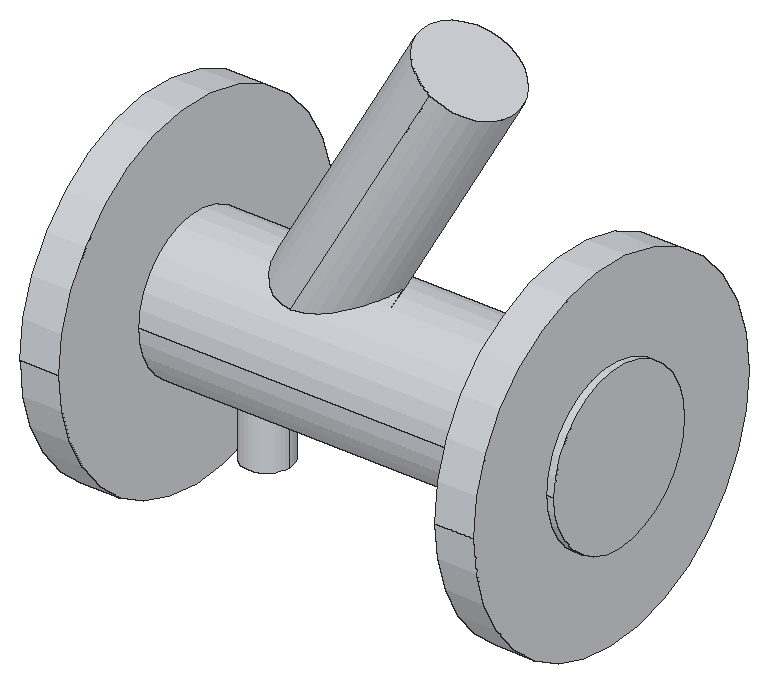
Revit family "HS 821-síto_jemné-PN40-DN015-RFA_2018", category Pipe Accessories, Revit 2018
Family settings
  Round Connector Dimension = Use Diameter
  Part Type = Breaks Into
  Work Plane-Based = No
  Always vertical = Yes
  Cut with Voids When Loaded = No
  Shared = No
Parameters (values of type "821F-DN015-PN40-síto_jemné")
  magiProductId = "4c7eaf3c4c0340888b3e684d8a8616"
  magiProductFamilyId = "79214ac3aaa945e397802f559f5c1e"
  magiPartTypeId = 307
  isMeasuringValve [instance] = no
  ang2D [instance] = 0.00°
  ZB__ve = -ZB  # -16.25 mm
  ZB1 = 18.225 mm
  ZB = 16.25 mm
  X2 = 46.982 mm
  X1 = 18.2 mm
  W2D = 15 mm
  VersionID = "2.0/2017.9.26.1/ZETKAMA_821_001"
  Use Minimum Symbol Size [instance] = yes
  URL = "www.hydronic.cz"
  Type Comments = "Filtr přírubový; síto jemné; A-PN16 (-10~300°C); D-PN25 (-10~350°C); F-PN40 (-10~400°C)"
  S = 45 mm
  QmdConnectorList = "301;D;302;D"
  Productdata [instance] = ""
  Manufacturer = "Hydronic Systems Prague s.r.o."
  MC Product Code = "250 615 (821F; DN015; PN40; kvs6,2; oko síta 0,63mm)"
  LM1 = 10.4 mm
  LM = 104 mm
  L4 = 32.5 mm
  L2D_Min = 3048 mm
  L2D = 130 mm
  L2 = 65 mm
  HH2 = 81.375 mm
  FD = 95 mm
  Description = "Filtr přírubový; síto jemné; 821A-PN16; 821D-PN25; 821F-PN40"
  DM1 = 27.6 mm
  DM = 40.5 mm
  D = 15 mm
  CC = 2.21 mm
  CAT0 = yes
  C1 = 10.79 mm
  C = 13 mm
  BD = 12.757 mm
Types (40, lengths in mm): name | magiProductId | ZB__ve | ZB1 | ZB | X2 | X1 | S | MC Product Code | LM1 | LM | L4 | L2 | HH2 | FD | DM1 | DM | D | CC | C1 | C | BD
  821A-DN015-PN16-síto_jemné | "a71bcfe8b393460598b23e8ddf7dc5" | -16.25 | 18.63 | 16.25 | 46.982 | 18.2 | 46 | "210 115 (821A; DN015; PN16; kvs6,2; oko síta 0,63mm)" | 10.4 | 104 | 32.5 | 65 | 81.375 | 95 | 27.6 | 41.4 | 15 | 2.21 | 10.79 | 13 | 13.041
  821A-DN020-PN16-síto_jemné | "41cd6c7a12924f4991217528336076" | -17.75 | 22.68 | 17.75 | 51.673 | 21 | 56 | "210 120 (821A; DN020; PN16; kvs9,6; oko síta 0,63mm)" | 12 | 120 | 37.5 | 75 | 89.5 | 105 | 33.6 | 50.4 | 20 | 2.55 | 12.45 | 15 | 15.876
  821A-DN025-PN16-síto_jemné | "be378b463ed14c3abf4c9b3ae8cf3a" | -19.25 | 26.325 | 19.25 | 58.601 | 22.4 | 65 | "210 125 (821A; DN025; PN16; kvs14,2; oko síta 0,63mm)" | 12.8 | 128 | 40 | 80 | 101.5 | 115 | 43.2 | 58.5 | 25 | 2.72 | 13.28 | 16 | 18.427
  821A-DN032-PN16-síto_jemné | "227a0d18b21540afabe8b6067d35fa" | -23 | 30.78 | 23 | 68.849 | 25.2 | 76 | "210 132 (821A; DN032; PN16; kvs23,1; oko síta 0,63mm)" | 14.4 | 144 | 45 | 90 | 119.25 | 140 | 50.4 | 68.4 | 32 | 3.06 | 14.94 | 18 | 21.546
  821A-DN040-PN16-síto_jemné | "d106917c74724141a10440112d0102" | -24.5 | 34.02 | 24.5 | 75.777 | 28 | 84 | "210 140 (821A; DN040; PN16; kvs36,6; oko síta 0,63mm)" | 16 | 160 | 50 | 100 | 131.25 | 150 | 60 | 75.6 | 40 | 3.4 | 16.6 | 20 | 23.814
  821A-DN050-PN16-síto_jemné | "8255d456a09e4f6486734f5dd9171b" | -26.75 | 40.095 | 26.75 | 79.061 | 32.2 | 99 | "210 150 (821A; DN050 PN16; kvs53,7; oko síta 0,63mm)" | 18.4 | 184 | 57.5 | 115 | 136.938 | 165 | 73.8 | 89.1 | 50 | 3.91 | 19.09 | 23 | 28.066
  821A-DN065-PN16-síto_jemné | "235b1b3e4c0843779a4d5e3716d40a" | -29.75 | 47.79 | 29.75 | 86.927 | 40.6 | 118 | "210 165 (821A; DN065; PN16; kvs95,1; oko síta 0,63mm)" | 23.2 | 232 | 72.5 | 145 | 150.562 | 185 | 94.2 | 106.2 | 65 | 4.93 | 24.07 | 29 | 33.453
  821A-DN080-PN16-síto_jemné | "a067f7c5236348ed8c820d16df7214" | -32 | 53.46 | 32 | 104.753 | 43.4 | 132 | "210 180 (821A; DN080; PN16; kvs137,1; oko síta 0,63mm)" | 24.8 | 248 | 77.5 | 155 | 181.438 | 200 | 107.4 | 118.8 | 80 | 5.27 | 25.73 | 31 | 37.422
  821A-DN100-PN16-síto_jemné | "c49a648c2747461285837d643703cd" | -35 | 63.18 | 35 | 114.857 | 49 | 156 | "210 190 (821A; DN100; PN16; kvs206,4; oko síta 0,63mm)" | 28 | 280 | 87.5 | 175 | 198.937 | 220 | 131.4 | 140.4 | 100 | 5.95 | 29.05 | 35 | 44.226
  821A-DN125-PN16-síto_jemné | "bf68e728a163493cbd2a663b26ebdc" | -39.5 | 74.52 | 39.5 | 131.888 | 56 | 184 | "210 191 (821A; DN125; PN16; kvs268,8; oko síta 0,63mm)" | 32 | 320 | 100 | 200 | 228.438 | 250 | 165 | 165.6 | 125 | 6.8 | 33.2 | 40 | 52.164
  821A-DN150-PN16-síto_jemné | "2de770284b654863ae6bc865769dc5" | -44.75 | 85.455 | 44.75 | 155.885 | 67.2 | 211 | "210 192 (821A; DN150; PN16; kvs401,4; oko síta 0,63mm)" | 38.4 | 384 | 120 | 240 | 270 | 285 | 192 | 189.9 | 150 | 8.16 | 39.84 | 48 | 59.818
  821A-DN200-PN16-síto_jemné | "8e5693371ab64aabb29a7f08c76e15" | -53 | 107.73 | 53 | 188.361 | 84 | 266 | "210 193 (821A; DN200; PN16; kvs706,7; oko síta 0,63mm)" | 48 | 480 | 150 | 300 | 326.25 | 340 | 252 | 239.4 | 200 | 10.2 | 49.8 | 60 | 75.411
  821A-DN250-PN16-síto_jemné | "05e37ed948c34047acdd4c42556504" | -62.75 | 129.195 | 62.75 | 255.911 | 102.2 | 319 | "210 194 (821A; DN250; PN16; kvs1229,4; oko síta 0,63mm)" | 58.4 | 584 | 182.5 | 365 | 443.25 | 405 | 309.6 | 287.1 | 250 | 12.41 | 60.59 | 73 | 90.436
  821A-DN300-PN16-síto_jemné | "9ad0af747269428da925480d83ce80" | -71 | 149.85 | 71 | 325.914 | 119 | 370 | "210 195 (821A; DN300; PN16; kvs1902,4; oko síta 0,63mm)" | 68 | 680 | 212.5 | 425 | 564.5 | 460 | 369.6 | 333 | 300 | 14.45 | 70.55 | 85 | 104.895
  821A-DN350-PN16-síto_jemné | "eebc71459bb3451bb4355e7951370a" | -80 | 173.745 | 80 | 356.875 | 137.2 | 429 | "200 196 (821A; DN350; PN16; kvs2611,0; oko síta 0,63mm)" | 78.4 | 784 | 245 | 490 | 618.125 | 520 | 438 | 386.1 | 350 | 16.66 | 81.34 | 98 | 121.621
  821A-DN400-PN16-síto_jemné | "d2f677cb196647e385b2590e7d8abe" | -89 | 194.4 | 89 | 392.237 | 154 | 480 | "210 197 (821A; DN400; PN16; kvs3438,4; oko síta 0,63mm)" | 88 | 880 | 275 | 550 | 679.375 | 580 | 498 | 432 | 400 | 18.7 | 91.3 | 110 | 136.08
  821D-DN015-PN25-síto_jemné | "27ddcbf555414f8ca1fde329bf9087" | -16.25 | 18.63 | 16.25 | 46.982 | 18.2 | 46 | "210 215 (821D; DN015; PN25; kvs6,2; oko síta 0,63mm)" | 10.4 | 104 | 32.5 | 65 | 81.375 | 95 | 27.6 | 41.4 | 15 | 2.21 | 10.79 | 13 | 13.041
  821D-DN020-PN25-síto_jemné | "270e0f14012f47189cd0235c18faee" | -17.75 | 22.68 | 17.75 | 51.673 | 21 | 56 | "210 220 (821D; DN020; PN25; kvs9,6; oko síta 0,63mm)" | 12 | 120 | 37.5 | 75 | 89.5 | 105 | 33.6 | 50.4 | 20 | 2.55 | 12.45 | 15 | 15.876
  821D-DN025-PN25-síto_jemné | "b9a7fb4aa36643878c637d8e1ab992" | -19.25 | 26.325 | 19.25 | 58.601 | 22.4 | 65 | "210 225 (821D; DN025; PN25; kvs14,2; oko síta 0,63mm)" | 12.8 | 128 | 40 | 80 | 101.5 | 115 | 43.2 | 58.5 | 25 | 2.72 | 13.28 | 16 | 18.427
  821D-DN032-PN25-síto_jemné | "6be9a55c4e68400f94eec7e804204c" | -23 | 30.78 | 23 | 68.849 | 25.2 | 76 | "210 232 (821D; DN032; PN25; kvs23,1; oko síta 0,63mm)" | 14.4 | 144 | 45 | 90 | 119.25 | 140 | 50.4 | 68.4 | 32 | 3.06 | 14.94 | 18 | 21.546
  821D-DN040-PN25-síto_jemné | "c54511bd7f584ec2984291479612cb" | -24.5 | 34.02 | 24.5 | 75.777 | 28 | 84 | "210 240 (821D; DN040; PN25; kvs36,6; oko síta 0,63mm)" | 16 | 160 | 50 | 100 | 131.25 | 150 | 60 | 75.6 | 40 | 3.4 | 16.6 | 20 | 23.814
  821D-DN050-PN25-síto_jemné | "5483b1f596b04cd39b23a14a22c90e" | -26.75 | 40.095 | 26.75 | 79.061 | 32.2 | 99 | "210 250 (821D; DN050; PN25; kvs53,7; oko síta 0,63mm)" | 18.4 | 184 | 57.5 | 115 | 136.938 | 165 | 73.8 | 89.1 | 50 | 3.91 | 19.09 | 23 | 28.066
  821D-DN065-PN25-síto_jemné | "767b0f8318e94750bc7a9930ed5b30" | -29.75 | 47.79 | 29.75 | 86.927 | 40.6 | 118 | "210 265 (821D; DN065; PN25; kvs95,1; oko síta 0,63mm)" | 23.2 | 232 | 72.5 | 145 | 150.562 | 185 | 94.2 | 106.2 | 65 | 4.93 | 24.07 | 29 | 33.453
  821D-DN080-PN25-síto_jemné | "e21040fa3cc2404b858198f6b73709" | -32 | 53.46 | 32 | 104.753 | 43.4 | 132 | "210 280 (821D; DN080; PN25; kvs137,1; oko síta 0,63mm)" | 24.8 | 248 | 77.5 | 155 | 181.438 | 200 | 107.4 | 118.8 | 80 | 5.27 | 25.73 | 31 | 37.422
  821D-DN100-PN25-síto_jemné | "175ca87a506b40b3bc6b82f12f33cf" | -37.25 | 63.18 | 37.25 | 114.857 | 49 | 156 | "210 290 (821D; DN100; PN25; kvs206,4; oko síta 0,63mm)" | 28 | 280 | 87.5 | 175 | 198.937 | 235 | 131.4 | 140.4 | 100 | 5.95 | 29.05 | 35 | 44.226
  821D-DN125-PN25-síto_jemné | "77cc98d60da24855999a22dff726b2" | -42.5 | 74.52 | 42.5 | 131.888 | 56 | 184 | "210 291 (821D; DN125; PN25; kvs268,8; oko síta 0,63mm)" | 32 | 320 | 100 | 200 | 228.438 | 270 | 165 | 165.6 | 125 | 6.8 | 33.2 | 40 | 52.164
  821D-DN150-PN25-síto_jemné | "9cf8acfcd15547d68e83172d3abcbe" | -47 | 85.455 | 47 | 155.885 | 67.2 | 211 | "210 292 (821D; DN150; PN25; kvs401,4; oko síta 0,63mm)" | 38.4 | 384 | 120 | 240 | 270 | 300 | 192 | 189.9 | 150 | 8.16 | 39.84 | 48 | 59.818
  821D-DN200-PN25-síto_jemné | "16973f3c9ea14389ba8602495a6b64" | -56 | 110.97 | 56 | 188.361 | 84 | 274 | "210 293 (821D; DN200; PN25; kvs706,7; oko síta 0,63mm)" | 48 | 480 | 150 | 300 | 326.25 | 360 | 252 | 246.6 | 200 | 10.2 | 49.8 | 60 | 77.679
  821F-DN015-PN40-síto_jemné | "4c7eaf3c4c0340888b3e684d8a8616" | -16.25 | 18.225 | 16.25 | 46.982 | 18.2 | 45 | "250 615 (821F; DN015; PN40; kvs6,2; oko síta 0,63mm)" | 10.4 | 104 | 32.5 | 65 | 81.375 | 95 | 27.6 | 40.5 | 15 | 2.21 | 10.79 | 13 | 12.757
  821F-DN020-PN40-síto_jemné | "aaac5f1ec96b44d6ba96ac2293d66d" | -17.75 | 23.49 | 17.75 | 51.673 | 21 | 58 | "250 620 (821F; DN020; PN40; kvs9,6; oko síta 0,63mm)" | 12 | 120 | 37.5 | 75 | 89.5 | 105 | 33.6 | 52.2 | 20 | 2.55 | 12.45 | 15 | 16.443
  821F-DN025-PN40-síto_jemné | "504768023968471481789485b54c7e" | -19.25 | 27.54 | 19.25 | 58.601 | 22.4 | 68 | "250 625 (821F; DN025; PN40; kvs14,2; oko síta 0,63mm)" | 12.8 | 128 | 40 | 80 | 101.5 | 115 | 43.2 | 61.2 | 25 | 2.72 | 13.28 | 16 | 19.278
  821F-DN032-PN40-síto_jemné | "165e7f39cf744f329bdf1c400dad12" | -23 | 31.59 | 23 | 68.849 | 25.2 | 78 | "250 632 (821F; DN032; PN40; kvs23,1; oko síta 0,63mm)" | 14.4 | 144 | 45 | 90 | 119.25 | 140 | 50.4 | 70.2 | 32 | 3.06 | 14.94 | 18 | 22.113
  821F-DN040-PN40-síto_jemné | "b8903f952089408fbf3a5a632bab1f" | -24.5 | 35.64 | 24.5 | 75.777 | 28 | 88 | "250 640 (821F; DN040; PN40; kvs36,6; oko síta 0,63mm)" | 16 | 160 | 50 | 100 | 131.25 | 150 | 60 | 79.2 | 40 | 3.4 | 16.6 | 20 | 24.948
  821F-DN050-PN40-síto_jemné | "c451f97266fe48da8f879cb6a2bd44" | -26.75 | 41.31 | 26.75 | 79.061 | 32.2 | 102 | "250 650 (821F; DN050; PN40; kvs53,7; oko síta 0,63mm)" | 18.4 | 184 | 57.5 | 115 | 136.938 | 165 | 73.8 | 91.8 | 50 | 3.91 | 19.09 | 23 | 28.917
  821F-DN065-PN40-síto_jemné | "dc9821e3f9b34e128f6a8c6b34c198" | -29.75 | 49.41 | 29.75 | 86.927 | 40.6 | 122 | "250 665 (821F; DN065; PN40; kvs95,1; oko síta 0,63mm)" | 23.2 | 232 | 72.5 | 145 | 150.562 | 185 | 94.2 | 109.8 | 65 | 4.93 | 24.07 | 29 | 34.587
  821F-DN080-PN40-síto_jemné | "689aa1e260f84cf4994f027a1d86b5" | -32 | 55.89 | 32 | 104.753 | 43.4 | 138 | "250 680 (821F; DN080; PN40; kvs137,1; oko síta 0,63mm)" | 24.8 | 248 | 77.5 | 155 | 181.438 | 200 | 107.4 | 124.2 | 80 | 5.27 | 25.73 | 31 | 39.123
  821F-DN100-PN40-síto_jemné | "8a45d4e8e2ab425f8c432f21d684f3" | -37.25 | 65.61 | 37.25 | 114.857 | 49 | 162 | "250 690 (821F; DN100; PN40; kvs206,4; oko síta 0,63mm)" | 28 | 280 | 87.5 | 175 | 198.937 | 235 | 131.4 | 145.8 | 100 | 5.95 | 29.05 | 35 | 45.927
  821F-DN125-PN40-síto_jemné | "cf073904c006406b8645afa67ea2fc" | -42.5 | 76.14 | 42.5 | 131.888 | 56 | 188 | "250 691 (821F; DN125; PN40; kvs268,8; oko síta 0,63mm)" | 32 | 320 | 100 | 200 | 228.438 | 270 | 165 | 169.2 | 125 | 6.8 | 33.2 | 40 | 53.298
  821F-DN150-PN40-síto_jemné | "0153b9ddabe14992a630484929fdbc" | -47 | 88.29 | 47 | 155.885 | 67.2 | 218 | "250 692 (821F; DN150; PN40; kvs401,4; oko síta 0,63mm)" | 38.4 | 384 | 120 | 240 | 270 | 300 | 192 | 196.2 | 150 | 8.16 | 39.84 | 48 | 61.803
  821F-DN200-PN40-síto_jemné | "7fb3fc01dd8d42428c203e3f8dd4d5" | -56 | 115.425 | 56 | 188.361 | 84 | 285 | "250 693 (821F; DN200; PN40; kvs706,7; oko síta 0,63mm)" | 48 | 480 | 150 | 300 | 326.25 | 360 | 252 | 256.5 | 200 | 10.2 | 49.8 | 60 | 80.797
Reference planes
  plane 1 "Center (Front/Back)": y = 0
  plane 2 "XYPLANE": z = 0
  plane 3 "Center (Left/Right)": x = 0
  plane 4 "109": x = -41.6
  plane 5 "108": x = 52
  plane 6 "107": x = -52
  plane 7 "105": x = 65
  plane 8 "104": x = -65
  plane 9 "103": y = 0
  plane 10 "102": z = 0
  plane 11 "101": x = -62.79
  plane 12 "100": x = 62.79
  plane 13 "11": x = -23.4
  plane 14 "10": z = 81.375
  plane 15 "9": x = 23.582
  plane 16 "5": z = -18.225
  plane 17 "4": x = -32.5
  plane 18 "1": x = 32.5
Forms (mm)
  Extrusion 1, solid, visible <- "CAT0"
    sketch origin (-52, -750, 0) x (0, 1, 0) y (0, 0, 1)
      loop
        circle (750, 0) r 20.25
    from 0 to 104 <- "LM"
  Extrusion 2, solid
    sketch origin (-65, -750, 0) x (0, 1, 0) y (0, 0, 1)
      loop
        circle (750, 0) r 22.5
    from 0 to 2.21 <- "CC"
  Extrusion 3, solid
    sketch origin (-62.79, -750, 0) x (0, 1, 0) y (0, 0, 1)
      loop
        circle (750, 0) r 47.5
    from 0 to 10.79 <- "C1"
  Extrusion 4, solid
    sketch origin (52, -750, 0) x (0, 1, 0) y (0, 0, 1)
      loop
        circle (750, 0) r 47.5
    from 0 to 10.79 <- "C1"
  Extrusion 5, solid
    sketch origin (62.79, -750, 0) x (0, 1, 0) y (0, 0, 1)
      loop
        circle (750, 0) r 22.5
    from 0 to 2.21 <- "CC"
  Sweep 6, solid, visible <- "CAT0"
    path origin (750, 0, 0) x (-1, 0, 0) y (0, 0, 1)
      loop
        line (802, 0) -> (773.4, 0) -> (726.418, 81.375)
    profile origin (-52, 0, 0) x (0, 0, -1) y (0, 1, 0)
      loop
        circle (0, 0) r 13.8
  Extrusion 7, solid, visible <- "CAT0"
    sketch origin (-750, 0, -18.225) x (1, 0, 0) y (0, 1, 0)
      loop
        circle (717.5, 0) r 6.379
    from 0 to -16.25 <- "ZB__ve"
  Extrusion 8, solid, visible <- "CAT0"
    sketch origin (-750, 0, -18.225) x (1, 0, 0) y (0, 1, 0)
      loop
        circle (782.5, 0) r 6.379
    from 0 to -16.25 <- "ZB__ve"
  Extrusion 9, solid, not visible
    sketch origin (65, -750, 0) x (0, 1, 0) y (0, 0, 1)
      loop
        circle (750, 0) r 10
    from 0 to -10
  Extrusion 10, solid, not visible
    sketch origin (-65, -750, 0) x (0, 1, 0) y (0, 0, 1)
      loop
        circle (750, 0) r 10
    from 0 to 10
Lines and regions (mm)
  reference lines, not visible
    curve 1: circle (2, 2, 0) r 1 normal (0, 0, 1)
Dimensions and locks
  plane 1 "Center (Front/Back)" to curve 1 = 2 mm
  "LM1": plane 6 "107" to plane 4 "109"
  "LM": plane 6 "107" to plane 5 "108"
  "C": plane 8 "104" to plane 6 "107"
  "L2": plane 3 "Center (Left/Right)" to plane 7 "105"
  "L2": plane 3 "Center (Left/Right)" to plane 8 "104"
  locked: plane 1 "Center (Front/Back)" to plane 9 "103"
  locked: plane 2 "XYPLANE" to plane 10 "102"
  "CC": plane 8 "104" to plane 11 "101"
  "C1": plane 5 "108" to plane 12 "100"
  "X1": plane 4 "109" to plane 13 "11"
  "HH2": plane 2 "XYPLANE" to plane 14 "10"
  "X2": plane 13 "11" to plane 15 "9"
  "ZB1": plane 2 "XYPLANE" to plane 16 "5"
  "L4": plane 8 "104" to plane 17 "4"
  "L2": plane 17 "4" to plane 18 "1"
  Sweep 6 sketch curve to Sweep 6 sketch curve = 0 mm  (x2)
  "DM": diameter of Extrusion 1 sketch curve
  "S": diameter of Extrusion 2 sketch curve
  "FD": diameter of Extrusion 3 sketch curve
  "FD": diameter of Extrusion 4 sketch curve
  "S": diameter of Extrusion 5 sketch curve
  "DM1": diameter of Sweep 6 sketch curve
  "BD": diameter of Extrusion 7 sketch curve
  "BD": diameter of Extrusion 8 sketch curve
  aligned and locked: level to plane 2 "XYPLANE"
  aligned and locked: Extrusion 1 sketch curve to plane 9 "103"
  aligned and locked: plane 10 "102" to Extrusion 1 sketch curve
  aligned and locked: Extrusion 2 sketch curve to plane 9 "103"
  aligned and locked: plane 10 "102" to Extrusion 2 sketch curve
  aligned and locked: Extrusion 3 sketch curve to plane 9 "103"
  aligned and locked: plane 10 "102" to Extrusion 3 sketch curve
  aligned and locked: Extrusion 4 sketch curve to plane 9 "103"
  aligned and locked: plane 10 "102" to Extrusion 4 sketch curve
  aligned and locked: Extrusion 5 sketch curve to plane 9 "103"
  aligned and locked: plane 10 "102" to Extrusion 5 sketch curve
  aligned and locked: Sweep 6 sketch curve to plane 9 "103"
  aligned and locked: plane 10 "102" to Sweep 6 sketch curve  (x3)
  aligned and locked: plane 6 "107" to Sweep 6 sketch curve
  aligned and locked: plane 13 "11" to Sweep 6 sketch curve
  aligned and locked: plane 14 "10" to Sweep 6 sketch curve
  aligned and locked: plane 15 "9" to Sweep 6 sketch curve
  aligned and locked: plane 9 "103" to Extrusion 7 sketch curve
  aligned and locked: plane 17 "4" to Extrusion 7 sketch curve
  aligned and locked: plane 9 "103" to Extrusion 8 sketch curve
  aligned and locked: plane 18 "1" to Extrusion 8 sketch curve
  aligned and locked: Extrusion 9 sketch curve to plane 9 "103"
  aligned and locked: plane 10 "102" to Extrusion 9 sketch curve
  aligned and locked: Extrusion 10 sketch curve to plane 9 "103"
  aligned and locked: plane 10 "102" to Extrusion 10 sketch curve
Automatic sketch dimensions
  plane 1 "Center (Front/Back)" to Extrusion 9 sketch curve = 10 mm
  plane 1 "Center (Front/Back)" to Extrusion 10 sketch curve = 10 mm
  plane 3 "Center (Left/Right)" to curve 1 = 2 mm
  radius of curve 1 = 1 mm
Connectors
  piping at (-65, 0, 0), diameter 15, driven by "D"
    settings: on Extrusion 10, index 1, connector inside diameter 609.6 mm, connector length 0 mm, flow factor 0, pipe flow 0.0 L/s, pressure drop 0.0 Pa, fitting loss kfactor 0, connector angle 0.00°, fixture units 0, engagement length 0 mm, angle of deflection 0.00°, flow configuration 0, flow direction 0, fitting loss method 0, system type 29, joint type 0, gender type 0, connector reference index 2, connector utility 0, adjustable connector no, is connector primary yes, connector description ""
  piping at (65, 0, 0), diameter 15, driven by "D"
    settings: on Extrusion 9, index 2, connector inside diameter 609.6 mm, connector length 0 mm, flow factor 0, pipe flow 0.0 L/s, pressure drop 0.0 Pa, fitting loss kfactor 0, connector angle 0.00°, fixture units 0, engagement length 0 mm, angle of deflection 0.00°, flow configuration 0, flow direction 0, fitting loss method 0, system type 29, joint type 0, gender type 0, connector reference index 1, connector utility 0, adjustable connector no, is connector primary no, connector description ""
